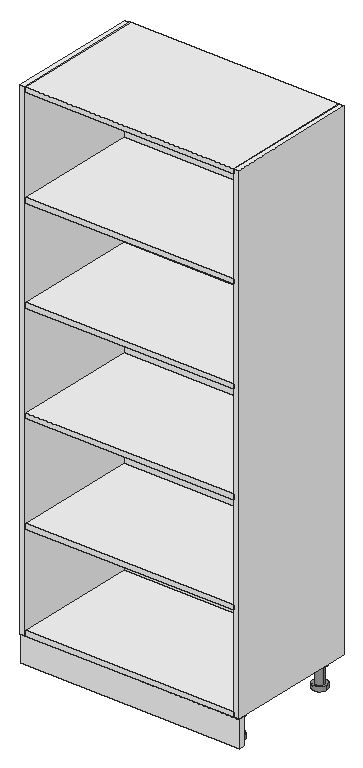
Revit family "1900H Bookshelf", category Casework, Revit 2016
Family settings
  OmniClass Number = 23.40.35.00
  OmniClass Title = Casework
  Work Plane-Based = No
  Always vertical = Yes
  Cut with Voids When Loaded = No
  Shared = No
  Room Calculation Point = No
Parameters (values of type "LW0819BS")
  WarrantyGuarantorParts = "www.bisley.com"  # constant formula
  WarrantyGuarantorLabour = "www.bisley.com"  # constant formula
  WarrantyDurationUnit = "Years"  # constant formula
  WarrantyDurationParts = "5"  # constant formula
  WarrantyDurationLabour = "5"  # constant formula
  WarrantyDescription = "5 Years Parts & Labour"  # constant formula
  Uniclass2015Version = "3.1"  # constant formula
  Uniclass2015Title = "Lockers"  # constant formula
  Uniclass2015Code = "Pr_40_30_78_48"  # constant formula
  URL = "www.bisley.com"
  SustainabilityPerformance = "FSC Approved"  # constant formula
  SerialNumber = ""
  NominalWidth = Width  # 800 mm
  NominalLength = Depth  # 500 mm
  NominalHeight = Height  # 1900 mm
  Name = "1900H Bookshelf"  # constant formula
  NBSReference = "45-35-80/380"  # constant formula
  NBSDescription = "General fittings, furnishings and equipment system"  # constant formula
  ModelReference = "LW0819BS"
  Model = "Lockerwall"  # constant formula
  Material = "MFC"  # constant formula
  ManufacturerURL = "www.bisley.com"  # constant formula
  Manufacturer = "Bisley"  # constant formula
  ManufactureName = "Bisley"  # constant formula
  M3 Lock = no
  Foot [instance] = Foot 100 : Foot 100
  Finish = "Matt"  # constant formula
  E4 Lock = no
  DurationUnit = "Years"  # constant formula
  Depth = 500 mm
  Height = 1900 mm
  Width = 800 mm
  Carcass Material = "MFC"  # constant formula
  Author = "Bisley"  # constant formula
  AssetType = "Fixed"  # constant formula
  AB Lock = no
  2 Door = no
  1 Door = no
Types (3, lengths in mm): name | NominalWidth | NominalLength | ModelReference | Depth | Width
  (no name) | 800 | 500 | "LW0819BS" | 500 | 800
  LW0819BS | 800 | 500 | "LW0819BS" | 500 | 800
  LW1019BS | 1000 | 518 | "LW1019BS" | 518 | 1000
Reference planes
  plane 1 "Back": y = 0
  plane 2: z = 0
  plane 3 "Center (Left/Right)": x = 44.7
  plane 4 "Front": y = -500
  plane 5 "Left": x = -355.3
  plane 6 "Right": x = 444.7
  plane 7 "Top": z = 1900
  plane 8 "Base": z = 98
  plane 9 "Base Left": x = -337.3
  plane 10 "Base Right": x = 426.7
  plane 11: y = -482
  plane 12: y = -10.5
  plane 13: y = -29.5
  plane 14 "Back Base": z = 110.5
  plane 15: z = 1887.5
  plane 16: z = 95
  plane 17 "Plinth": y = -477
  plane 18: y = -459
  plane 19: z = 101
  plane 20: x = -353.3
  plane 21: x = 442.7
  plane 22 "Shelf 3": z = 1520
  plane 23: z = 1897
  plane 24: x = 42.7
  plane 25: x = 46.7
  plane 26: z = 1175
  plane 27: z = 812
  plane 28: z = 449
Forms (mm)
  Extrusion 1, solid, not visible
    sketch origin (-1691.73, 346.204, -12) x (1, 0, 0) y (0, 0, 1)
      loop
        line (48, 12) -> (56, 12) -> (56, 20) -> (48, 20) -> (48, 12)
    from 0 to 26
  Extrusion 2, solid, not visible
    sketch origin (-1683.73, 346.204, -12) x (-1, 0, 0) y (0, 0, -1)
      loop
        line (48, -12) -> (48, -20) -> (56, -20) -> (56, -12) -> (48, -12)
    from 0 to 26
  Extrusion 3, solid, not visible
    sketch origin (-1687.73, 350.204, -3.997) x (0, 1, 0) y (0, 0, 1)
      loop
        line (-26, 3.997) -> (-26, 11.997) -> (-34, 11.997) -> (-34, 3.997) -> (-26, 3.997)
    from -52 to 52
  Extrusion 4, solid, material "MFC 1"
    sketch origin (0, 0, 0) x (1, 0, 0) y (0, 1, 0)
      loop
        line (-355.3, -482) -> (-337.3, -482) -> (-337.3, 0) -> (-355.3, 0) -> (-355.3, -482)
    from 98 to 1900
  Extrusion 5, solid, material "MFC 1"
    sketch origin (0, 0, 98) x (-1, 0, 0) y (0, -1, 0)
      loop
        line (-426.7, 482) -> (-444.7, 482) -> (-444.7, 0) -> (-426.7, 0) -> (-426.7, 482)
    from 0 to 1802
  Extrusion 6, solid, material "MFC 1"
    sketch origin (0, 0, 98) x (-1, 0, 0) y (0, -1, 0)
      loop
        line (337.3, 482) -> (-426.7, 482) -> (-426.7, 0) -> (337.3, 0) -> (337.3, 482)
    from 0 to 18
  Extrusion 7, void
    sketch origin (426.7, 0, 0) x (0, 1, 0) y (0, 0, 1)
      loop
        line (-29.5, 110.5) -> (-10.5, 110.5) -> (-10.5, 116) -> (-29.5, 116) -> (-29.5, 110.5)
    from 0 to -764
  Extrusion 8, solid, material "MFC 1"
    sketch origin (0, 0, 1540) x (0, -1, 0) y (1, 0, 0)
      loop
        line (482, -337.3) -> (482, 426.7) -> (0, 426.7) -> (0, -337.3) -> (482, -337.3)
    from 360 to 342
  Extrusion 9, void
    sketch origin (426.7, 0, 0) x (0, 1, 0) y (0, 0, 1)
      loop
        line (-29.5, 1884.5) -> (-10.5, 1884.5) -> (-10.5, 1887.5) -> (-29.5, 1887.5) -> (-29.5, 1884.5)
    from 0 to -764
  Extrusion 10, solid, material "MFC 1"
    sketch origin (0, 0, 110.5) x (0, -1, 0) y (1, 0, 0)
      loop
        line (29.5, -337.3) -> (29.5, 426.7) -> (10.5, 426.7) -> (10.5, -337.3) -> (29.5, -337.3)
    from 0 to 1777
  Extrusion 11, solid, material "MFC 1"
    sketch origin (0, 0, 0) x (1, 0, 0) y (0, 1, 0)
      loop
        line (-355.3, -477) -> (444.7, -477) -> (444.7, -459) -> (-355.3, -459) -> (-355.3, -477)
    from 0 to 95
  Extrusion 12, solid, material "MFC 1"
    sketch origin (0, 0, 1520) x (-1, 0, 0) y (0, -1, 0)
      loop
        line (337.3, 482) -> (-426.7, 482) -> (-426.7, 29.5) -> (337.3, 29.5) -> (337.3, 482)
    from 0 to 18
  Extrusion 13, solid, material "MFC 1"
    sketch origin (0, 0, 1175) x (-1, 0, 0) y (0, -1, 0)
      loop
        line (337.3, 482) -> (-426.7, 482) -> (-426.7, 29.5) -> (337.3, 29.5) -> (337.3, 482)
    from 0 to 18
  Extrusion 14, solid, material "MFC 1"
    sketch origin (0, 0, 812) x (-1, 0, 0) y (0, -1, 0)
      loop
        line (337.3, 482) -> (-426.7, 482) -> (-426.7, 29.5) -> (337.3, 29.5) -> (337.3, 482)
    from 0 to 18
  Extrusion 15, solid, material "MFC 1"
    sketch origin (0, 0, 449) x (-1, 0, 0) y (0, -1, 0)
      loop
        line (337.3, 482) -> (-426.7, 482) -> (-426.7, 29.5) -> (337.3, 29.5) -> (337.3, 482)
    from 0 to 18
Cuts and joins
  Extrusion 7, Extrusion 9 cuts Extrusion 5
  Extrusion 7 cuts Extrusion 6
  Extrusion 9 cuts Extrusion 4
  Extrusion 9 cuts Extrusion 8
Dimensions and locks
  "Width": plane 6 "Right" to plane 5 "Left"
  equal spacing: plane 6 "Right", plane 3 "Center (Left/Right)", plane 5 "Left"
  "Depth": plane 4 "Front" to plane 1 "Back"
  "Height": level to plane 7 "Top"
  locked: plane 5 "Left" to plane 9 "Base Left" at 18
  locked: plane 10 "Base Right" to plane 6 "Right" at 18
  locked: plane 7 "Top" to plane 15 at 12.5
  Extrusion 10 to plane 1 "Back" = 10.5 mm
  locked: nested 1 to plane 6 "Right" at 68
  locked: nested 2 to plane 6 "Right" at 68
  locked: plane 1 "Back" to nested 3 at 79.5
  locked: plane 11 to plane 4 "Front" at 18
  locked: plane 17 "Plinth" to plane 4 "Front" at 23
  locked: plane 18 to plane 4 "Front" at 41
  locked: nested 1 to plane 4 "Front" at 91
  locked: plane 5 "Left" to nested 4 at 68
  locked: plane 5 "Left" to nested 3 at 68
  locked: plane 4 "Front" to nested 4 at 91
  locked: plane 6 "Right" to plane 21 at 2
  locked: plane 20 to plane 5 "Left" at 2
  aligned and locked: level to plane 2
  aligned and locked: Extrusion 4 sketch curve to plane 11
  aligned and locked: Extrusion 4 sketch curve to plane 5 "Left"
  aligned and locked: Extrusion 4 sketch curve to plane 1 "Back"
  aligned and locked: plane 9 "Base Left" to Extrusion 4 sketch curve
  aligned and locked: Extrusion 4 to plane 8 "Base"
  aligned and locked: Extrusion 4 to plane 7 "Top"
  aligned and locked: plane 11 to Extrusion 5 sketch curve
  aligned and locked: Extrusion 5 sketch curve to plane 10 "Base Right"
  aligned and locked: Extrusion 5 sketch curve to plane 1 "Back"
  aligned and locked: plane 6 "Right" to Extrusion 5 sketch curve
  aligned and locked: Extrusion 5 to plane 7 "Top"
  aligned and locked: plane 8 "Base" to Extrusion 5
  aligned and locked: Extrusion 4 to Extrusion 6 sketch curve
  aligned and locked: Extrusion 6 sketch curve to Extrusion 4
  aligned and locked: Extrusion 5 to Extrusion 6 sketch curve
  aligned and locked: Extrusion 6 sketch curve to Extrusion 5
  aligned and locked: plane 6 "Right" to Extrusion 5
  aligned and locked: Extrusion 7 to plane 9 "Base Left"
  aligned and locked: plane 10 "Base Right" to Extrusion 7
  aligned and locked: Extrusion 8 sketch curve to cut or joined group of Extrusion 6, Extrusion 7  (x2)
  aligned and locked: Extrusion 8 sketch curve to Extrusion 4
  aligned and locked: Extrusion 8 sketch curve to cut or joined group of Extrusion 5, Extrusion 7, Extrusion 9
  aligned and locked: plane 15 to Extrusion 9 sketch curve
  aligned and locked: Extrusion 10 sketch curve to cut or joined group of Extrusion 6, Extrusion 7  (x2)
  aligned and locked: cut or joined group of Extrusion 6, Extrusion 7 to Extrusion 10 sketch curve  (x2)
  aligned and locked: Extrusion 10 to plane 14 "Back Base"
  aligned and locked: plane 15 to Extrusion 10
  aligned and locked: Extrusion 9 to plane 9 "Base Left"
  aligned and locked: Extrusion 11 sketch curve to plane 17 "Plinth"
  aligned and locked: Extrusion 11 sketch curve to plane 5 "Left"
  aligned and locked: Extrusion 11 sketch curve to plane 18
  aligned and locked: plane 6 "Right" to Extrusion 11 sketch curve
  aligned and locked: Extrusion 11 to plane 5 "Left"
  aligned and locked: plane 6 "Right" to Extrusion 11
  aligned and locked: plane 11 to Extrusion 5
  aligned and locked: Extrusion 4 to plane 11
  aligned and locked: Extrusion 8 to plane 7 "Top"
  aligned and locked: Extrusion 12 sketch curve to cut or joined group of Extrusion 6, Extrusion 7  (x2)
  aligned and locked: cut or joined group of Extrusion 6, Extrusion 7 to Extrusion 12 sketch curve
  aligned and locked: nested 2 to Extrusion 12 sketch curve
  aligned and locked: cut or joined group of Extrusion 5, Extrusion 7, Extrusion 9 to Extrusion 8
  aligned and locked: Extrusion 12 to plane 22 "Shelf 3"
  aligned and locked: Extrusion 12 to plane 9 "Base Left"
  aligned and locked: plane 10 "Base Right" to Extrusion 12
  aligned and locked: Extrusion 13 to plane 26
  aligned and locked: plane 27 to Extrusion 14
  aligned and locked: plane 28 to Extrusion 15
Automatic sketch dimensions
  Extrusion 1 sketch curve to Extrusion 1 sketch curve = 8 mm  (x2)
  Extrusion 2 sketch curve to Extrusion 2 sketch curve = 8 mm  (x2)
  Extrusion 3 sketch curve to Extrusion 3 sketch curve = 8 mm  (x2)
  Extrusion 7 sketch curve to plane 13 = 0 mm
  Extrusion 7 sketch curve to plane 12 = 0 mm
  Extrusion 7 sketch curve to plane 14 "Back Base" = 0 mm
  Extrusion 7 sketch curve to Extrusion 7 sketch curve = 5.5 mm
  Extrusion 9 sketch curve to plane 13 = 0 mm
  Extrusion 9 sketch curve to plane 12 = 0 mm
  Extrusion 9 sketch curve to plane 15 = 3 mm
  Extrusion 13 sketch curve to plane 10 "Base Right" = 0 mm
  Extrusion 13 sketch curve to plane 9 "Base Left" = 0 mm
  Extrusion 13 sketch curve to plane 13 = 0 mm
  Extrusion 13 sketch curve to plane 11 = 0 mm
  Extrusion 14 sketch curve to plane 10 "Base Right" = 0 mm
  Extrusion 14 sketch curve to plane 9 "Base Left" = 0 mm
  Extrusion 14 sketch curve to plane 13 = 0 mm
  Extrusion 14 sketch curve to plane 11 = 0 mm
  Extrusion 15 sketch curve to plane 10 "Base Right" = 0 mm
  Extrusion 15 sketch curve to plane 9 "Base Left" = 0 mm
  Extrusion 15 sketch curve to plane 13 = 0 mm
  Extrusion 15 sketch curve to plane 11 = 0 mm
Nested families
  nested 1: "Foot 100" at (446.401, -409, 0) x (-1, 0, 0) z (0, 0, 1), type "Foot 100"
  nested 2: "Foot 100" at (446.401, -29.5, 0) x (-1, 0, 0) z (0, 0, 1), type "Foot 100"
  nested 3: "Foot 100" at (-357, -29.5, 0), type "Foot 100"
  nested 4: "Foot 100" at (-357, -409, 0), type "Foot 100"
Definition of nested family "Foot 100"
  Parameters (values of type "Foot 100")
    WarrantyGuarantorParts = "www.bisley.com"  # constant formula
    WarrantyGuarantorLabour = "www.bisley.com"  # constant formula
    WarrantyDurationUnit = "Years"  # constant formula
    WarrantyDurationParts = "5"  # constant formula
    WarrantyDurationLabour = "5"  # constant formula
    WarrantyDescription = "5 Years Parts & Labour"  # constant formula
    Uniclass2015Version = ""
    Uniclass2015Title = ""
    Uniclass2015Code = ""
    URL = "www.bisley.com"
    SustainabilityPerformance = "FSC Approved"  # constant formula
    SerialNumber = ""
    NominalWidth = Width  # 50 mm
    NominalLength = Depth  # 50 mm
    NominalHeight = Height  # 900 mm
    Name = ""
    NBSReference = ""
    NBSDescription = "General fittings, furnishings and equipment system"  # constant formula
    ModelReference = ""
    Model = "Abode"  # constant formula
    Material = "MFC"  # constant formula
    ManufacturerURL = "www.bisley.com"  # constant formula
    Manufacturer = "Bisley"  # constant formula
    ManufactureName = "Bisley"  # constant formula
    Finish = "Matt"  # constant formula
    ExpectedLife = "25"  # constant formula
    DurationUnit = "Years"  # constant formula
    Depth = 50 mm
    Height = 900 mm
    Width = 50 mm
    Carcass Material = "MFC"  # constant formula
    Author = "Bisley"  # constant formula
    AssetType = "Fixed"  # constant formula
  Reference planes
    plane 1 "Back": y = 0
    plane 2: z = 0
    plane 3 "Center (Left/Right)": x = 44.7
    plane 4 "Front": y = -50
    plane 5 "Left": x = 19.7
    plane 6 "Right": x = 69.7
    plane 7 "Top": z = 900
    plane 8: y = -25
    plane 9 "Foot top": z = 98
    plane 10: y = 0
    plane 11: y = -50
    plane 12: x = 19.7
    plane 13: x = 69.7
    plane 14: x = 24.7
    plane 15: y = -5
  Forms (mm)
    Extrusion 1, solid, not visible
      sketch origin (-1691.73, 346.204, -12) x (1, 0, 0) y (0, 0, 1)
        loop
          line (48, 12) -> (56, 12) -> (56, 20) -> (48, 20) -> (48, 12)
      from 0 to 26
    Extrusion 2, solid, not visible
      sketch origin (-1683.73, 346.204, -12) x (-1, 0, 0) y (0, 0, -1)
        loop
          line (48, -12) -> (48, -20) -> (56, -20) -> (56, -12) -> (48, -12)
      from 0 to 26
    Extrusion 3, solid, not visible
      sketch origin (-1687.73, 350.204, -3.997) x (0, 1, 0) y (0, 0, 1)
        loop
          line (-26, 3.997) -> (-26, 11.997) -> (-34, 11.997) -> (-34, 3.997) -> (-26, 3.997)
      from -52 to 52
    Extrusion 4, solid
      sketch origin (0, 275, 0) x (1, 0, 0) y (0, 1, 0)
        loop
          circle (44.7, -300) r 25
      from 0 to 15
    Extrusion 5, solid
      sketch origin (0, 275, 0) x (1, 0, 0) y (0, 1, 0)
        loop
          circle (44.7, -300) r 15
      from 15 to 78
    Extrusion 6, solid
      sketch origin (0, 275, 0) x (1, 0, 0) y (0, 1, 0)
        loop
          circle (44.7, -300) r 25
      from 78 to 98
    Extrusion 7, solid
      sketch origin (0, 275, 98) x (-1, 0, 0) y (0, -1, 0)
        loop
          line (-19.7, 325) -> (-69.7, 325) -> (-69.7, 275) -> (-19.7, 275) -> (-19.7, 325)
      from 0 to -10
    Extrusion 8, void
      sketch origin (0, 275, 98) x (-1, 0, 0) y (0, -1, 0)
        loop
          circle (-24.7, 280) r 2.5
      from 0 to -10
    Extrusion 9, void
      sketch origin (89.401, 275, 98) x (1, 0, 0) y (0, 1, 0)
        loop
          circle (-24.7, -280) r 2.5
      from 0 to -10
    Extrusion 10, void
      sketch origin (0, -325, 98) x (-1, 0, 0) y (0, -1, 0)
        loop
          circle (-24.7, -280) r 2.5
      from 0 to -10
    Extrusion 11, void
      sketch origin (89.401, -325, 98) x (1, 0, 0) y (0, 1, 0)
        loop
          circle (-24.7, 280) r 2.5
      from 0 to -10
  Cuts and joins
    Extrusion 8, Extrusion 9, Extrusion 10, Extrusion 11 cuts Extrusion 4
    Extrusion 8, Extrusion 9, Extrusion 10, Extrusion 11 cuts Extrusion 5
    Extrusion 8, Extrusion 9, Extrusion 10, Extrusion 11 cuts Extrusion 6
    Extrusion 8, Extrusion 9, Extrusion 10, Extrusion 11 cuts Extrusion 7
    joined: Extrusion 4, Extrusion 5, Extrusion 6, Extrusion 7
  Dimensions and locks
    "Width": plane 6 "Right" to plane 5 "Left"
    equal spacing: plane 6 "Right", plane 3 "Center (Left/Right)", plane 5 "Left"
    "Depth": plane 4 "Front" to plane 1 "Back"
    "Height": level to plane 7 "Top"
    aligned and locked: level to plane 2
    aligned and locked: Extrusion 5 to Extrusion 4
    aligned and locked: Extrusion 4 to level
    aligned and locked: Extrusion 6 to Extrusion 5
    aligned and locked: plane 9 "Foot top" to Extrusion 6
  Automatic sketch dimensions
    Extrusion 1 sketch curve to Extrusion 1 sketch curve = 8 mm  (x2)
    Extrusion 2 sketch curve to Extrusion 2 sketch curve = 8 mm  (x2)
    Extrusion 3 sketch curve to Extrusion 3 sketch curve = 8 mm  (x2)
    Extrusion 4 sketch curve to plane 3 "Center (Left/Right)" = 0 mm
    plane 8 to Extrusion 4 sketch curve = 0 mm
    Extrusion 5 sketch curve to plane 3 "Center (Left/Right)" = 0 mm
    plane 8 to Extrusion 5 sketch curve = 0 mm
    Extrusion 6 sketch curve to plane 3 "Center (Left/Right)" = 0 mm
    plane 8 to Extrusion 6 sketch curve = 0 mm
    Extrusion 7 sketch curve to plane 11 = 0 mm
    Extrusion 7 sketch curve to plane 13 = 0 mm
    plane 10 to Extrusion 7 sketch curve = 0 mm
    Extrusion 7 sketch curve to plane 12 = 0 mm
    Extrusion 8 sketch curve to plane 14 = 0 mm
    Extrusion 8 sketch curve to plane 15 = 0 mm
    plane 15 to Extrusion 9 sketch curve = 0 mm
    plane 13 to Extrusion 9 sketch curve = 5 mm
    Extrusion 10 sketch curve to plane 14 = 0 mm
    Extrusion 10 sketch curve to plane 11 = 5 mm
    Extrusion 11 sketch curve to plane 13 = 5 mm
    plane 11 to Extrusion 11 sketch curve = 5 mm
    radius of Extrusion 4 sketch curve = 25 mm
    radius of Extrusion 5 sketch curve = 15 mm
    radius of Extrusion 6 sketch curve = 25 mm
    radius of Extrusion 8 sketch curve = 2.5 mm
    radius of Extrusion 9 sketch curve = 2.5 mm
    radius of Extrusion 10 sketch curve = 2.5 mm
    radius of Extrusion 11 sketch curve = 2.5 mm
